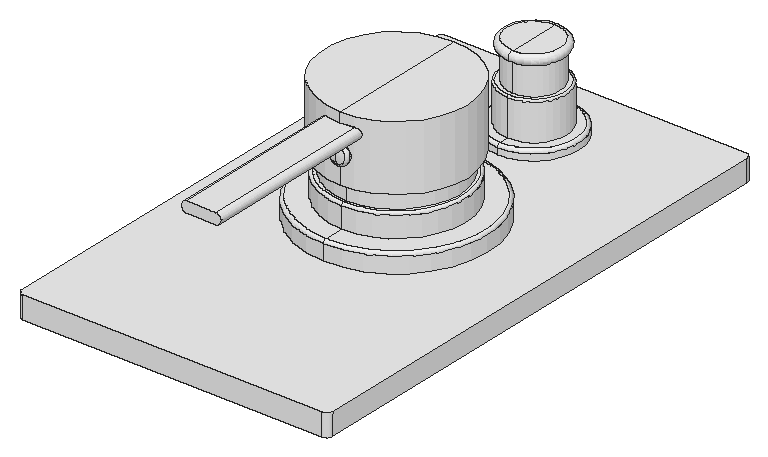
Revit family "Mixer-Bath Shower-Caroma Liano with Diverter1", category Plumbing Fixtures, host Face, Revit 2014
Parameters (values of type "Standard")
  Width_ANZRS = 48 mm  # constant formula
  Waste Connection = no
  Vent Connection = no
  URL = "http://specify.caroma.com.au/products/mixer-taps/liano/liano-bath-shower-mixer-with-diverter"
  Type Comments = "Caroma Liano Bath/Shower Mixer with Diverter"  # constant formula
  ModifiedIssue_ANZRS = 20141212.01  # constant formula
  Model = "96146C"  # constant formula
  Material_ANZRS = Metal-Chrome-Caroma
  Manufacturer = "GWA Bathrooms & Kitchens"  # constant formula
  Length_ANZRS = 100 mm  # constant formula
  Height_ANZRS = 170 mm  # constant formula
  HWFU = 3  # constant formula
  HW Connection = yes
  Description = "Ceramic disc cartridge eliminates drips and minimises maintenance"  # constant formula
  Default Elevation = 1000 mm
  CreatedBy_ANZRS = "Design Content"  # constant formula
  CreatedByURL_ANZRS = "http://www.designcontent.com.au"
  Cost = 0
  Connector Radius = 10 mm
  CWFU = 3  # constant formula
  CW Connection = yes
  Assembly Code = "C1030210"
Reference planes
  plane 1 "Center (Front/Back)": y = 0
  plane 2: z = 0
  plane 3 "Center (Left/Right)": x = 0
  plane 4 "Top": y = 80
  plane 5 "Bottom": y = -90
  plane 6 "Left": x = -50
  plane 7 "Right": x = 50
Forms (mm)
  Extrusion 1, solid, material "Metal-Chrome-Caroma" <- "Material_ANZRS"
    sketch origin (17.071, -2.929, 0) x (1, 0, 0) y (0, 1, 0)
      loop
        circle (-7.071, -7.071) r 10
    from -20 to 0
  Extrusion 2, solid, material "Metal-Chrome-Caroma" <- "Material_ANZRS"
    sketch origin (-17.071, -17.071, 0) x (-1, 0, 0) y (0, -1, 0)
      loop
        circle (-7.071, -7.071) r 10
    from -20 to 0
  Extrusion 3, solid, material "Metal-Chrome-Caroma" <- "Material_ANZRS"
    sketch origin (-17.071, 2.929, 0) x (-1, 0, 0) y (0, -1, 0)
      loop
        circle (-7.071, -7.071) r 10
    from -20 to 0
  Extrusion 4, solid, material "Metal-Chrome-Caroma" <- "Material_ANZRS"
    sketch origin (2.929, 2.929, 0) x (-1, 0, 0) y (0, -1, 0)
      loop
        circle (-7.071, -7.071) r 10
    from -20 to 0
  Revolve 5, solid, material "Metal-Chrome-Caroma" <- "Material_ANZRS"
    sketch origin (0, 0, 0) x (0, 1, 0) y (0, 0, 1)
      loop
        line (69.393, 7) -> (69.393, 9)
        arc (69.393, 9) -> (69.1, 9.707) -> (68.393, 10) r 1
        line (68.393, 10) -> (65.486, 10) -> (65.486, 21.65)
        arc (65.486, 21.65) -> (65.34, 22.003) -> (64.986, 22.15) r 0.5
        line (64.986, 22.15) -> (63.498, 22.15) -> (63.498, 31.33)
        arc (63.498, 31.33) -> (65.004, 32.836) -> (63.498, 34.342) r 1.506
        line (63.498, 34.342) -> (55, 34.342) -> (55, 7) -> (69.393, 7)
      axis (55, 34.342) -> (55, 7)
    angle from 0 to 360
  Revolve 6, solid, material "Metal-Chrome-Caroma" <- "Material_ANZRS"
    sketch origin (0, 0, 0) x (0, 1, 0) y (0, 0, 1)
      loop
        line (0, 7) -> (29.318, 7) -> (29.318, 12)
        arc (29.318, 12) -> (29.026, 12.707) -> (28.318, 13) r 1
        line (28.318, 13) -> (21.991, 13) -> (21.991, 19.669)
        arc (21.991, 19.669) -> (21.762, 20.221) -> (21.21, 20.45) r 0.781
        line (21.21, 20.45) -> (20.208, 20.45) -> (20.208, 38.096) -> (0, 38.096) -> (0, 7)
      axis (0, 38.096) -> (0, 7)
    angle from 0 to 360
  Revolve 7, solid, material "Metal-Chrome-Caroma" <- "Material_ANZRS"
    sketch origin (0, 0, -108.233) x (0, 1, 0) y (0, 0, 1)
      loop
        line (0, 134.483) -> (0, 155.483) -> (-22.999, 155.483) -> (-22.999, 134.483) -> (0, 134.483)
      axis (0, 134.483) -> (0, 155.483)
    angle from 0 to 360
  Extrusion 8, void
    sketch origin (0, 0, -108.233) x (0, 1, 0) y (0, 0, 1)
      loop
        line (-16.233, 133.063) -> (26.677, 133.063) -> (26.677, 136.817) -> (-16.233, 133.063)
    from -50 to 50
  Extrusion 9, solid, material "Metal-Chrome-Caroma" <- "Material_ANZRS"
    sketch origin (0, 0, 0) x (1, 0, 0) y (0, 1, 0)
      loop
        arc (-48, 80) -> (-49.414, 79.414) -> (-50, 78) r 2
        line (-50, 78) -> (-50, -88)
        arc (-50, -88) -> (-49.414, -89.414) -> (-48, -90) r 2
        line (-48, -90) -> (48, -90)
        arc (48, -90) -> (49.414, -89.414) -> (50, -88) r 2
        line (50, -88) -> (50, 78)
        arc (50, 78) -> (49.414, 79.414) -> (48, 80) r 2
        line (48, 80) -> (-48, 80)
    from 0 to 7
  Revolve 10, solid, material "Metal-Chrome-Caroma" <- "Material_ANZRS"
    sketch origin (0, 0, -108.233) x (0, 1, 0) y (0, 0, 1)
      loop
        line (-24.384, 143.483) -> (-20.401, 143.483) -> (-20.401, 146.829) -> (-23.055, 146.829)
        arc (-23.055, 146.829) -> (-23.673, 146.62) -> (-24.037, 146.079) r 1.017
        arc (-24.037, 146.079) -> (-24.297, 144.793) -> (-24.384, 143.483) r 9.89
      axis (-20.401, 143.483) -> (-24.384, 143.483)
    angle from 0 to 360
  Extrusion 11, solid, material "Metal-Chrome-Caroma" <- "Material_ANZRS"
    sketch origin (0, 0, 0) x (1, 0, 0) y (0, 0, 1)
      loop
        line (4.65, 44.15) -> (-4.65, 44.15)
        arc (-4.65, 44.15) -> (-6.35, 42.45) -> (-4.65, 40.75) r 1.7
        line (-4.65, 40.75) -> (4.65, 40.75)
        arc (4.65, 40.75) -> (6.35, 42.45) -> (4.65, 44.15) r 1.7
    from 0 to 78.38
Cuts and joins
  Extrusion 8 cuts Revolve 7
  joined: Revolve 6, Revolve 7, Revolve 10, Extrusion 11
Lines and regions (mm)
  Masking region 1
    outline origin (0, 0, 0) x (1, 0, 0) y (0, 1, 0)
      loop
        arc (-48, 80) -> (-49.414, 79.414) -> (-50, 78) r 2
        line (-50, 78) -> (-50, -88)
        arc (-50, -88) -> (-49.414, -89.414) -> (-48, -90) r 2
        line (-48, -90) -> (48, -90)
        arc (48, -90) -> (49.414, -89.414) -> (50, -88) r 2
        line (50, -88) -> (50, 78)
        arc (50, 78) -> (49.414, 79.414) -> (48, 80) r 2
        line (48, 80) -> (-48, 80)
  Masking region 2
    outline origin (0, 0, 0) x (0, 1, 0) y (0, 0, 1)
      loop
        line (29.318, 7) -> (29.318, 12)
        arc (29.318, 12) -> (29.026, 12.707) -> (28.318, 13) r 1
        line (28.318, 13) -> (21.991, 13) -> (21.991, 19.669)
        arc (21.991, 19.669) -> (21.762, 20.221) -> (21.21, 20.45) r 0.781
        line (21.21, 20.45) -> (20.208, 20.45) -> (20.208, 28.018) -> (22.999, 28.262) -> (22.999, 47.25) -> (0, 47.25) -> (-22.999, 47.25) -> (-22.999, 44.15) -> (-78.38, 44.15) -> (-78.38, 40.756) -> (-22.999, 40.756) -> (-22.999, 26.25) -> (-20.208, 26.25) -> (-20.208, 20.45) -> (-21.21, 20.45)
        arc (-21.21, 20.45) -> (-21.762, 20.221) -> (-21.991, 19.669) r 0.781
        line (-21.991, 19.669) -> (-21.991, 13) -> (-28.318, 13)
        arc (-28.318, 13) -> (-29.026, 12.707) -> (-29.318, 12) r 1
        line (-29.318, 12) -> (-29.318, 7) -> (-90, 7) -> (-90, 0) -> (80, 0) -> (80, 7) -> (69.393, 7) -> (69.393, 9)
        arc (69.393, 9) -> (69.1, 9.707) -> (68.393, 10) r 1
        line (68.393, 10) -> (65.486, 10) -> (65.486, 21.65)
        arc (65.486, 21.65) -> (65.34, 22.003) -> (64.986, 22.15) r 0.5
        line (64.986, 22.15) -> (63.498, 22.15) -> (63.498, 31.33)
        arc (63.498, 31.33) -> (65.004, 32.836) -> (63.498, 34.342) r 1.506
        line (63.498, 34.342) -> (55, 34.342) -> (46.502, 34.342)
        arc (46.502, 34.342) -> (44.996, 32.836) -> (46.502, 31.33) r 1.506
        line (46.502, 31.33) -> (46.502, 22.15) -> (45.014, 22.15)
        arc (45.014, 22.15) -> (44.66, 22.003) -> (44.514, 21.65) r 0.5
        line (44.514, 21.65) -> (44.514, 10) -> (41.607, 10)
        arc (41.607, 10) -> (40.9, 9.707) -> (40.607, 9) r 1
        line (40.607, 9) -> (40.607, 7) -> (29.318, 7)
  Masking region 3
    outline origin (-16.403, 0, 19.273) x (1, 0, 0) y (0, 0, 1)
      loop
        line (-3.805, 6.977) -> (-3.805, 1.177) -> (-4.807, 1.177)
        arc (-4.807, 1.177) -> (-5.36, 0.948) -> (-5.588, 0.396) r 0.781
        line (-5.588, 0.396) -> (-5.588, -6.273) -> (-11.916, -6.273)
        arc (-11.916, -6.273) -> (-12.623, -6.566) -> (-12.916, -7.273) r 1
        line (-12.916, -7.273) -> (-12.916, -12.273) -> (-33.597, -12.273) -> (-33.597, -19.273) -> (66.403, -19.273) -> (66.403, -12.273) -> (45.721, -12.273) -> (45.721, -7.273)
        arc (45.721, -7.273) -> (45.428, -6.566) -> (44.721, -6.273) r 1
        line (44.721, -6.273) -> (38.394, -6.273) -> (38.394, 0.396)
        arc (38.394, 0.396) -> (38.165, 0.948) -> (37.613, 1.177) r 0.781
        line (37.613, 1.177) -> (36.611, 1.177) -> (36.611, 6.977) -> (39.401, 6.977) -> (39.401, 27.977) -> (16.403, 27.977) -> (-6.596, 27.977) -> (-6.596, 6.977) -> (-3.805, 6.977)
  symbolic lines, style "Taps/Mixers"
    curve 1: circle (0, 55, 0) r 10 normal (0, 0, 1)
    curve 2: circle (0, 55, 0) r 14.393 normal (0, 0, 1)
    curve 3: circle (0, 0, 0) r 22.999 normal (0, 0, 1)
    curve 4: arc (6.35, -28.623, 0) -> (0, 29.318, 0) -> (-6.35, -28.623, 0) r 29.318
    curve 5: line (-6.35, -78.38, 0) -> (6.35, -78.38, 0)
    curve 6: line (-6.35, -78.38, 0) -> (-6.35, -22.105, 0)
    curve 7: line (6.35, -78.38, 0) -> (6.35, -22.105, 0)
    curve 8: line (0, 68.393, 10) -> (0, 41.607, 10)
    curve 9: line (0, 64.986, 22.15) -> (0, 45.014, 22.15)
    curve 10: line (0, 46.502, 31.33) -> (0, 63.498, 31.33)
    curve 11: line (0, 80, 7) -> (0, -90, 7)
    curve 12: line (0, 28.318, 13) -> (0, -28.318, 13)
    curve 13: line (0, 21.21, 20.45) -> (0, -21.21, 20.45)
    curve 14: line (0, 22.999, 28.262) -> (0, 0, 26.25)
    curve 15: line (0, -22.999, 26.25) -> (0, 0, 26.25)
    curve 16: spline (0, -22.523, 40.756) -> (0, -22.433, 40.803) -> (0, -22.348, 40.967) -> (0, -22.275, 41.235) -> (0, -22.219, 41.589) -> (0, -22.183, 42.004) -> (0, -22.171, 42.45) -> (0, -22.183, 42.896) -> (0, -22.219, 43.311) -> (0, -22.275, 43.665) -> (0, -22.348, 43.933) -> (0, -22.433, 44.096) -> (0, -22.523, 44.144)
    curve 17: line (0, -78.38, 44.15) -> (0, -22.55, 44.15)
    curve 18: line (0, -22.523, 40.756) -> (0, -78.38, 40.756)
    curve 19: line (21.991, 0, 13) -> (10.486, 0, 13)
    curve 20: line (20.208, 0, 20.45) -> (10.486, 0, 20.45)
    curve 21: spline (22.994, 0, 26.25) -> (22.885, 0, 26.449) -> (22.549, 0, 26.647) -> (21.991, 0, 26.84) -> (21.215, 0, 27.028) -> (20.229, 0, 27.208) -> (19.042, 0, 27.379) -> (17.667, 0, 27.538) -> (16.118, 0, 27.685) -> (14.408, 0, 27.818) -> (12.556, 0, 27.935) -> (10.579, 0, 28.036) -> (8.498, 0, 28.119)
    curve 22: spline (20.204, 0, 26.25) -> (20.117, 0, 26.417) -> (19.849, 0, 26.582) -> (19.403, 0, 26.745) -> (18.782, 0, 26.903) -> (17.992, 0, 27.056) -> (17.04, 0, 27.201) -> (15.935, 0, 27.337) -> (14.686, 0, 27.464) -> (13.305, 0, 27.58) -> (11.804, 0, 27.685) -> (10.197, 0, 27.776) -> (8.498, 0, 27.854)
    curve 23: line (20.204, 0, 26.25) -> (22.994, 0, 26.25)
    curve 24: line (10.486, 0, 10) -> (-10.486, 0, 10)
    curve 25: line (50, 0, 7) -> (-50, 0, 7)
    curve 26: line (8.498, 0, 22.15) -> (-8.498, 0, 22.15)
    curve 27: line (8.498, 0, 31.33) -> (-8.498, 0, 31.33)
    curve 28: line (8.498, 0, 34.342) -> (0, 0, 34.342)
    curve 29: line (0, 0, 34.342) -> (-8.498, 0, 34.342)
    curve 30: arc (-8.498, 0, 34.342) -> (-10.004, 0, 32.836) -> (-8.498, 0, 31.33) r 1.506
    curve 31: line (-8.498, 0, 31.33) -> (-8.498, 0, 22.15)
    curve 32: line (-8.498, 0, 22.15) -> (-9.986, 0, 22.15)
    curve 33: arc (-9.986, 0, 22.15) -> (-10.34, 0, 22.003) -> (-10.486, 0, 21.65) r 0.5
    curve 34: line (-10.486, 0, 21.65) -> (-10.486, 0, 10)
    curve 35: line (-10.486, 0, 10) -> (-13.393, 0, 10)
    curve 36: arc (-13.393, 0, 10) -> (-14.1, 0, 9.707) -> (-14.393, 0, 9) r 1
    curve 37: line (-14.393, 0, 9) -> (-14.393, 0, 7)
    curve 38: line (14.393, 0, 7) -> (14.393, 0, 9)
    curve 39: arc (14.393, 0, 9) -> (14.1, 0, 9.707) -> (13.393, 0, 10) r 1
    curve 40: line (13.393, 0, 10) -> (10.486, 0, 10)
    curve 41: line (10.486, 0, 10) -> (10.486, 0, 21.65)
    curve 42: arc (10.486, 0, 21.65) -> (10.34, 0, 22.003) -> (9.986, 0, 22.15) r 0.5
    curve 43: line (9.986, 0, 22.15) -> (8.498, 0, 22.15)
    curve 44: line (8.498, 0, 22.15) -> (8.498, 0, 31.33)
    curve 45: arc (8.498, 0, 31.33) -> (10.004, 0, 32.836) -> (8.498, 0, 34.342) r 1.506
    curve 46: line (-21.991, 0, 13) -> (-10.486, 0, 13)
    curve 47: line (-20.208, 0, 20.45) -> (-10.486, 0, 20.45)
    curve 48: spline (-22.994, 0, 26.25) -> (-22.885, 0, 26.449) -> (-22.549, 0, 26.647) -> (-21.991, 0, 26.84) -> (-21.215, 0, 27.028) -> (-20.229, 0, 27.208) -> (-19.042, 0, 27.379) -> (-17.667, 0, 27.538) -> (-16.118, 0, 27.685) -> (-14.408, 0, 27.818) -> (-12.556, 0, 27.935) -> (-10.579, 0, 28.036) -> (-8.498, 0, 28.119)
    curve 49: spline (-20.204, 0, 26.25) -> (-20.117, 0, 26.417) -> (-19.849, 0, 26.582) -> (-19.403, 0, 26.745) -> (-18.782, 0, 26.903) -> (-17.992, 0, 27.056) -> (-17.04, 0, 27.201) -> (-15.935, 0, 27.337) -> (-14.686, 0, 27.464) -> (-13.305, 0, 27.58) -> (-11.804, 0, 27.685) -> (-10.197, 0, 27.776) -> (-8.498, 0, 27.854)
Dimensions and locks
  aligned and locked: plane 2 to host face
  aligned and locked: level to host face
Connectors
  piping at (10, -10, -20), diameter 20, driven by "Connector Radius", driven by "CWFU"
    settings: on Extrusion 1, index 3, connector inside diameter 0.7874", connector length 0 mm, flow factor 0, pipe flow 0 GPM, pressure drop 0.00 psi, fitting loss kfactor 0, connector angle 0.00°, fixture units 3, engagement length 0 mm, angle of deflection 0.00°, flow configuration 3, flow direction 1, fitting loss method 101, system type 20, joint type 0, gender type 0, connector reference index -1, connector utility 0, adjustable connector no, is connector primary yes, connector description "Cold Inlet"
  piping at (-10, -10, -20), diameter 20, driven by "Connector Radius", driven by "HWFU"
    settings: on Extrusion 2, index 4, connector inside diameter 0.7874", connector length 0 mm, flow factor 0, pipe flow 0 GPM, pressure drop 0.00 psi, fitting loss kfactor 0, connector angle 0.00°, fixture units 3, engagement length 0 mm, angle of deflection 0.00°, flow configuration 3, flow direction 1, fitting loss method 101, system type 19, joint type 0, gender type 0, connector reference index -1, connector utility 0, adjustable connector no, is connector primary no, connector description "Hot Inlet"
  piping at (-10, 10, -20), diameter 20, driven by "HWFU", driven by "Connector Radius"
    settings: on Extrusion 3, index 5, connector inside diameter 0.7874", connector length 0 mm, flow factor 0, pipe flow 0 GPM, pressure drop 0.00 psi, fitting loss kfactor 0, connector angle 0.00°, fixture units 3, engagement length 0 mm, angle of deflection 0.00°, flow configuration 3, flow direction 2, fitting loss method 101, system type 19, joint type 0, gender type 0, connector reference index -1, connector utility 0, adjustable connector no, is connector primary no, connector description "Diverter Outlet"
  piping at (10, 10, -20), diameter 20, driven by "Connector Radius", driven by "HWFU"
    settings: on Extrusion 4, index 6, connector inside diameter 0.7874", connector length 0 mm, flow factor 0, pipe flow 0 GPM, pressure drop 0.00 psi, fitting loss kfactor 0, connector angle 0.00°, fixture units 3, engagement length 0 mm, angle of deflection 0.00°, flow configuration 3, flow direction 2, fitting loss method 101, system type 19, joint type 0, gender type 0, connector reference index -1, connector utility 0, adjustable connector no, is connector primary no, connector description "Bath Outlet"
